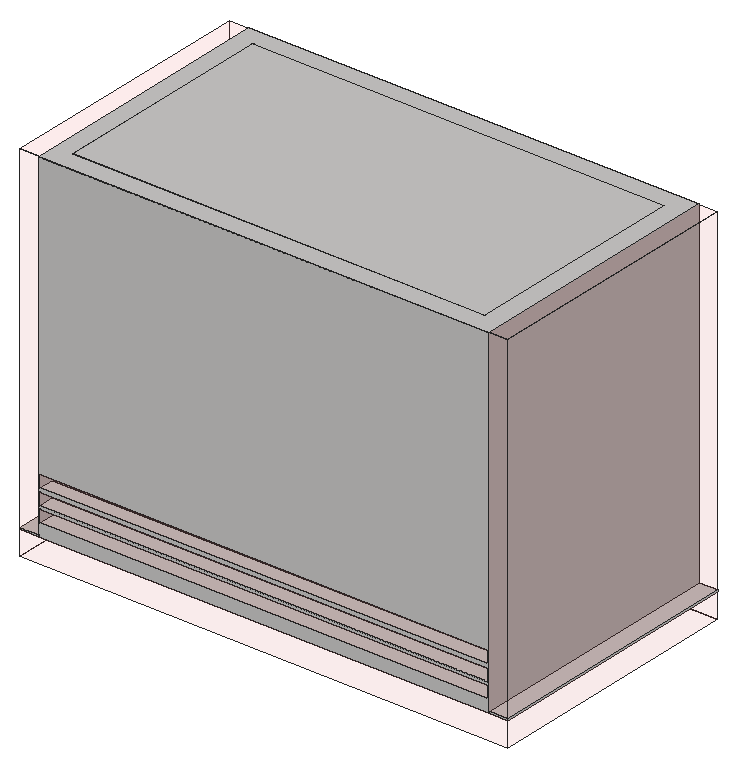
Revit family "Air-Curtain_Specialty_PoweredAire_HDC-Corrosive", category Mechanical Equipment, host Face, Revit 2024
Family settings
  Host = Face
  Round Connector Dimension = Use Diameter
  Part Type = Normal
  OmniClass Number = 23.75.35.17.21
  OmniClass Title = Air Curtains
  Cut with Voids When Loaded = No
  Maintain Annotation Orientation = No
  Shared = No
  Room Calculation Point = No
Parameters
  Warranty Duration (Years) = 0
  Unit Width Notes = "Other Widths available."  # constant formula
  Unit Width = 3' - 3"
  Unit Weight = 0
  Unit Height = 1' - 9"
  Unit Depth = 2' - 3 1/4"
  URL = "http://www.poweredaire.com/"
  Test Data = ""
  Standards Conformance = "as Specified"
  Specification = "http://www.arcat.com/sdspecs/htm04/23_34_33pai.htm"
  SpecWizard = ""
  Sound Pressure = "as Specified"
  Sales Information = "http://www.poweredaire.com/contact_us"
  Revision = "R1_2016-08"
  Projection from Host [instance] = 0' - 2"
  Product Properties = ""
  Product Data = "http://www.arcat.com/arcatcos/cos47/arc47623.html"
  Power Rating = 0 W
  Nozzle Width = if(1 = 1, Unit Width - 0' 3", 0' 0")  # 3' - 0"
  Mounting Width = if(1 = 1, Unit Width - 0' 1 1/2", 0' 0")  # 3' - 1 1/2"
  Mounting Height [instance] = 3' - 6"
  Motor RPM = 0
  Motor HP = 0
  Motor Count = 0
  Model = "As Specified"
  Max Height = 0' - 0"
  Manufacturer Website = "http://www.poweredaire.com/"
  Manufacturer Phone - Toll Free = "888-321-2473"
  Manufacturer Phone = "724-588-3305"
  Manufacturer Fax = "724-588-3371"
  Manufacturer Address = "109 Mortensen Rd.  Greenville, PA 16125"
  Manufacturer = "Powered Aire, Inc"
  Maintenance Schedule (Months) = 0
  Keynote = "23 34 33"
  Installation-Fabrication = ""
  Installation Phase = ""
  Include Clearance [instance] = yes
  Heating Element Load = 0 W
  HVAC_Temperature Rise = 0 °F
  HVAC_Outlet Volume = 0 CFM
  HVAC_Outlet Velocity Uniformity = 0
  HVAC_Outlet Velocity = 0 FPM
  Green Building-LEED = "http://www.arcat.com/green/clients/leed_data_47623.html"
  Front Grating Material [instance] = Metal - Steel - PoweredAire - Stainless 304 Perforated
  Frame Finish [instance] = Metal - Steel - PoweredAire - Stainless 304
  Expected Lifespan (Years) = 0
  Electrical_Wattage [instance] = Power Rating + Heating Element Load  # 0 W
  Electrical_Voltage [instance] = 0 V
  Electrical_Phase [instance] = 1
  Electrical_Frequency [instance] = 0 Hz
  Electrical_Amperage [instance] = 0 A
  Drawn By = "Sumex Design, Inc. / Robert S. Weygant, CSI, CDT, SCIP"
  Description = "Powered Aire Air Curtain as Specified"
  Default Elevation = 0' - 0"  # constant formula
  Copyright = "©Arcat Inc."
  Construction Details = "http://www.arcat.com/details/powair/prod3336.html"
  Clearance_Top [instance] = 0' - 0"
  Clearance_Side B [instance] = 0' - 0"
  Clearance_Side A [instance] = 0' - 0"
  Clearance_Intake [instance] = 0' - 0"
  Clearance_Bottom [instance] = 0' - 0"
  Clearance Material [instance] = ARCAT Clearance
  Building Codes = ""
  Available Options [instance] = "as Specified"
  Assembly Code = "D3090400"
Reference planes (in)
  plane 1 "Center (Elevation)": y = 10.63818
  plane 2: z = 0
  plane 3 "Center (Left/Right)": x = 0
  plane 4: y = 21.13818
  plane 5 "BoC": y = 0.13818
  plane 6: x = -19.5
  plane 7: x = 19.5
  plane 8: z = 29.25
  plane 9 "FF": y = -41.86182
  plane 10: z = 2
  plane 11: x = 18
  plane 12: x = -18
  plane 13: y = 21.13818
  plane 14: y = 0.13818
  plane 15: x = -19.5
  plane 16: x = 19.5
  plane 17: z = 29.25
  plane 18: y = 0.13818
  plane 19: x = 17.9375
  plane 20: x = -17.9375
Forms (in)
  Extrusion 1, solid, material "ARCAT Clearance" <- "Clearance Material", visible <- "Include Clearance"
    sketch origin (0, 0, 0) x (0, 1, 0) y (0, 0, 1)
      loop
        line (0.13818, 29.25) -> (0.13818, 0) -> (21.13818, 0) -> (21.13818, 29.25) -> (0.13818, 29.25)
    from -19.5 to 19.5
  Extrusion 2, solid, material "Metal - Steel - PoweredAire - Stainless 304" <- "Frame Finish"
    sketch origin (0, 10.63818, 0) x (1, 0, 0) y (0, 0, 1)
      loop
        line (18, 29.25) -> (-18, 29.25) -> (-18, 2) -> (18, 2) -> (18, 29.25)
    from -10.5 to 10.5
  Extrusion 3, void
    sketch origin (0, 0, 0) x (0, 1, 0) y (0, 0, 1)
      loop
        line (0.13818, 4) -> (0.13818, 3) -> (1.63818, 3) -> (1.63818, 6.5) -> (0.13818, 6.5) -> (0.13818, 5.5) -> (1.38818, 5.5) -> (1.38818, 5.25) -> (0.13818, 5.25) -> (0.13818, 4.25) -> (1.38818, 4.25) -> (1.38818, 4) -> (0.13818, 4)
    from -17.9375 to 17.9375
  Extrusion 4, solid, material "Metal - Steel - PoweredAire - Stainless 304 Perforated" <- "Front Grating Material"
    sketch origin (18, 10.63818, 29.25) x (-1, 0, 0) y (0, -1, 0)
      loop
        line (1.5, -9) -> (34.5, -9) -> (34.5, 9) -> (1.5, 9) -> (1.5, -9)
    from 0 to 0.03125
  Extrusion 5, solid, material "Metal - Steel - PoweredAire - Stainless 304" <- "Frame Finish"
    sketch origin (-15.17702, -180, 2) x (-1, 0, 0) y (0, -1, 0)
      loop
        line (4.32298, -201.13818) -> (4.32298, -180.13818) -> (2.82298, -180.13818) -> (2.82298, -201.13818) -> (4.32298, -201.13818)
      loop
        line (-34.67702, -201.13818) -> (-33.17702, -201.13818) -> (-33.17702, -180.13818) -> (-34.67702, -180.13818) -> (-34.67702, -201.13818)
    from 0 to 0.125
Cuts and joins
  Extrusion 3 cuts Extrusion 2
Dimensions and locks (in)
  equal spacing: plane 4, plane 1 "Center (Elevation)", plane 5 "BoC"
  "Unit Height": plane 4 to plane 5 "BoC"
  equal spacing: plane 6, plane 3 "Center (Left/Right)", plane 7
  "Unit Width": plane 6 to plane 7
  "Mounting Height": plane 5 "BoC" to plane 9 "FF"
  "Projection from Host": plane 10 to level
  "Unit Depth": plane 8 to plane 10
  locked: plane 6 to plane 12 at 1.5
  locked: plane 11 to plane 7 at 1.5
  "Clearance_Side A": plane 7 to plane 16
  "Clearance_Side B": plane 15 to plane 6
  "Clearance_Top": plane 13 to plane 4
  "Clearance_Bottom": plane 5 "BoC" to plane 14
  "Clearance_Intake": plane 17 to plane 8
  locked: plane 7 to Extrusion 2 sketch curve at 1.5
  locked: Extrusion 2 sketch curve to plane 6 at 1.5
  locked: plane 18 to plane 5 "BoC" at 0
  locked: plane 12 to Extrusion 4 sketch curve at 1.5
  locked: Extrusion 4 sketch curve to plane 11 at 1.5
  locked: Extrusion 4 sketch curve to plane 5 "BoC" at 1.5
  locked: plane 20 to plane 12 at 0.0625
  locked: plane 11 to plane 19 at 0.0625
  Extrusion 3 sketch curve to Extrusion 3 sketch curve to Extrusion 3 sketch curve to Extrusion 3 sketch curve to Extrusion 3 sketch curve to Extrusion 3 sketch curve to plane 10 = 0' - 1" locked, 0' - 0 1/4" locked, 0' - 1" locked, 0' - 0 1/4" locked, 0' - 1" locked, 0' - 1" locked
  locked: plane 4 to Extrusion 4 sketch curve at 1.5
  aligned and locked: plane 2 to host face
  aligned and locked: level to host face
  aligned and locked: Extrusion 1 sketch curve to plane 17
  aligned and locked: plane 14 to Extrusion 1 sketch curve
  aligned and locked: level to Extrusion 1 sketch curve
  aligned and locked: Extrusion 1 sketch curve to plane 13
  aligned and locked: plane 16 to Extrusion 1
  aligned and locked: Extrusion 1 to plane 15
  aligned and locked: Extrusion 2 to plane 4
  aligned and locked: Extrusion 2 to plane 18
  aligned and locked: Extrusion 2 sketch curve to plane 10
  aligned and locked: Extrusion 3 to plane 20
  aligned and locked: plane 19 to Extrusion 3
  aligned and locked: Extrusion 2 sketch curve to plane 8
  aligned and locked: plane 7 to Extrusion 5 sketch curve
  aligned and locked: Extrusion 5 sketch curve to plane 11
  aligned and locked: plane 6 to Extrusion 5 sketch curve
  aligned and locked: Extrusion 5 sketch curve to plane 12
  aligned and locked: plane 18 to Extrusion 5 sketch curve  (x2)
  aligned and locked: Extrusion 5 sketch curve to plane 4  (x2)
Automatic sketch dimensions
  host sketch curve to host sketch curve = 8' - 0"  (x2)
  Extrusion 3 sketch curve to plane 5 "BoC" = 0' - 0"  (x3)
  plane 18 to Extrusion 3 sketch curve = 0' - 1 1/4"
  Extrusion 3 sketch curve to Extrusion 3 sketch curve = 0' - 0"
  Extrusion 3 sketch curve to Extrusion 3 sketch curve = 0' - 0 1/4"
Connectors (in)
  electrical at (-18, 10.63818, 15.625), driven by "Electrical_Voltage", driven by "Electrical_Phase"
    settings: on cut or joined group of Extrusion 2, Extrusion 3, index 1, voltage 0 V, apparent load 0 VA, apparent load phase1 0 VA, apparent load phase2 0 VA, apparent load phase3 0 VA, power factor 1, load classification "Other", number of poles 1, system type 31, power factor state 1, is connector primary yes, connector utility no, sub classification motor no, connector description ""
